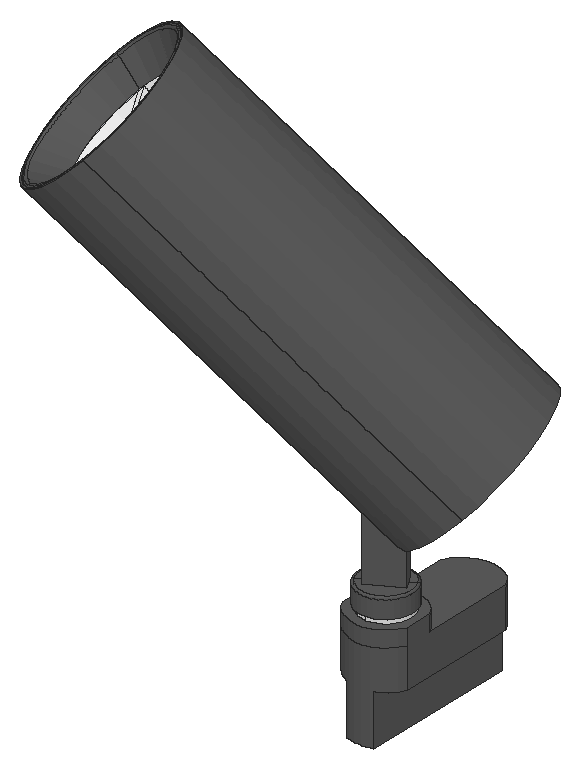
Revit family "0005427 Sylvania Lighting Fixture START Track Spot Integral 930 MB WB BLK", category Lighting Fixtures, host Face, Revit 2017
Family settings
  Host = Face
  Round Connector Dimension = Use Diameter
  Part Type = Normal
  OmniClass Number = 23.80.70.00
  OmniClass Title = Lighting
  Cut with Voids When Loaded = No
  Light Source = No
  Shared = No
  Room Calculation Point = No
Parameters (values of type "0005427 ST TRK SPT INTGRL 4500LM 930 MB BLK")
  Weight = "7.59 kg"
  Wattage Comments = ""
  WarrantyStartDate [instance] = "n/a"
  WarrantyGuarantorParts = "n/a"
  WarrantyDurationUnit = "n/a"
  WarrantyDurationParts = "n/a"
  WarrantyDescription = "n/a"
  Voltage = 230 V
  VerticalRotation_SYL [instance] = 60.00°
  VerticalEndAngle_SYL [instance] = VerticalRotation_SYL - 180.00°  # -120.00°
  URL = "http://www.sylvania-lighting.com"
  TypeName = "START Track Spot Integral 4500lm 930 MB WB BLK"
  TypeHead_SYL = START Track Spot Integral Head : 0005427 ST TRK SPT INTGRL 4500LM 930 MB BLK
  TypeArm_SYL = START Track Spot Integral Arm : START Track Spot Integral BL
  Type Image = <None>
  Type Comments = "n/a"
  SerialNumber [instance] = "n/a"
  Material_3_SYL = none
  PowerFactor = 0
  PowerConsumption = "55 W"
  NominalLength = 0 mm
  NominalHeight = 0 mm
  NominalDepth = 0 mm
  Name = "START Track Spot Integral 4500lm 930 MB WB BLK"
  ModelReference = Name  # "START Track Spot Integral 4500lm 930 MB WB BLK"
  ModelNumber = "0005427"
  Model = Name  # "START Track Spot Integral 4500lm 930 MB WB BLK"
  Material = "n/a"
  ManufacturerName = "Feilo Sylvania"
  Manufacturer = "Feilo Sylvania"
  LuminousEfficacy = "88.23 lm/W"
  LuminaireType = ""
  LightOutputRatio = "n/a"
  LampsType = Lamp  # "LED"
  LampNominalLuminous = "4700 lm"
  LampMacAdamStep = "3"
  LampColourTemperature = "3000"
  LampColourRenderingIndex = "90"
  Lamp = "LED"
  Keynote = "16500"
  InstallationDate [instance] = "n/a"
  InputVoltage = "220-240V~"
  InputNominalFrequency = "50/60 Hz"
  IngressProtection = "IP20"
  ImpactProtectionIndex = "IK03"
  IfcExportType = "IfcLightFixtureType"
  IfcExportAs = "IfcLightFixtureType"
  HorizontalRotation_SYL [instance] = 45.00°
  ExpectedLife = 50000
  ElectricShockClassification = "Class I"
  DurationUnit = "hours"
  DocumentationLiterature = "http://www.sylvania-lighting.com/product/en-int/products/0005427"
  DimmingControlOptions = "Non dimmable"
  Material_2_SYL = Spacer-Sylvania-StartTrackSpot-Aluminium
  Description = ""
  Default Elevation = 1219.2 mm
  CreatedOn = "9/6/2018"
  CreatedBy = ""
  Cost = 0
  built-in parameter 1114216 [instance] = (empty or 0)
  ClassificationValue = "EF_70_80"
  ClassificationName = "Uniclass2015"
  Material_1_SYL = Body-Sylvania-StartTrackSpot-Black
  BarCode [instance] = "n/a"
  AssetType = "Fixed"
  AssetIdentifier [instance] = "n/a"
  Assembly Code = "D5020200"
  Apparent Load = 55 VA
  Material_4_SYL = none
Types (2, lengths in mm): name | TypeName | TypeHead_SYL | Name | ModelReference | Model | LuminousEfficacy | LampNominalLuminous
  0005427 ST TRK SPT INTGRL 4500LM 930 MB BLK | "START Track Spot Integral 4500lm 930 MB WB BLK" | START Track Spot Integral Head : 0005427 ST TRK SPT INTGRL 4500LM 930 MB BLK | "START Track Spot Integral 4500lm 930 MB WB BLK" | "START Track Spot Integral 4500lm 930 MB WB BLK" | "START Track Spot Integral 4500lm 930 MB WB BLK" | "88.23 lm/W" | "4700 lm"
  0005427 ST TRK SPT INTGRL 5000LM 930 WB BLK | "START Track Spot Integral 5000lm 930 MB WB BLK" | START Track Spot Integral Head : 0005427 ST TRK SPT INTGRL 5000LM 930 WB BLK | "START Track Spot Integral 5000lm 930 MB WB BLK" | "START Track Spot Integral 5000lm 930 MB WB BLK" | "START Track Spot Integral 5000lm 930 MB WB BLK" | "91.17 lm/W" | "5000 lm"
Reference planes
  plane 1 "Center (Front/Back)": y = 0
  plane 2: z = 0
  plane 3 "Center (Left/Right)": x = 0
  plane 4: x = 16.6
  plane 5: x = -16.6
  plane 6: x = 7
  plane 7: x = -7
  plane 8: x = -12.8
  plane 9: y = 42
  plane 10: y = 42
  plane 11: y = -42
  plane 12: y = 31.4
  plane 13: y = -31.4
  plane 14: z = -26
  plane 15: z = 20.3
  plane 16: z = 28.5
  plane 17: z = 31.2
  plane 18: y = -17.4
  plane 19: y = -6.8
  plane 20: y = -24.4
Forms (mm)
  Extrusion 1, solid, material "Body-Sylvania-StartTrackSpot-Black" <- "Material_1_SYL"
    sketch origin (0, 0, 0) x (1, 0, 0) y (0, 1, 0)
      loop
        line (-16.6, 31.4) -> (-16.6, -31.4)
        arc (-16.6, -31.4) -> (0, -42) -> (16.6, -31.4) r 18.298
        line (16.6, -31.4) -> (16.6, 31.4)
        arc (16.6, 31.4) -> (0, 42) -> (-16.6, 31.4) r 18.298
    from -26 to 20.3
  Extrusion 2, void
    sketch origin (0, 0, 0) x (1, 0, 0) y (0, 1, 0)
      loop
        arc (-7, 40.608) -> (-12.666, 36.907) -> (-16.6, 31.4) r 18.298
        line (-16.6, 31.4) -> (-16.6, -31.4)
        arc (-16.6, -31.4) -> (-12.666, -36.907) -> (-7, -40.608) r 18.298
        line (-7, -40.608) -> (-7, 40.608)
      loop
        line (16.6, -31.4) -> (16.6, 31.4)
        arc (16.6, 31.4) -> (12.666, 36.907) -> (7, 40.608) r 18.298
        line (7, 40.608) -> (7, -40.608)
        arc (7, -40.608) -> (12.666, -36.907) -> (16.6, -31.4) r 18.298
    from 0 to -26
  Extrusion 3, solid, material "Body-Sylvania-StartTrackSpot-Black" <- "Material_1_SYL"
    sketch origin (1223.4, -4572, 20.3) x (0, -1, 0) y (-1, 0, 0)
      loop
        line (-4540.6, 1240) -> (-4554.6, 1240)
        arc (-4554.6, 1240) -> (-4565.2, 1223.4) -> (-4554.6, 1206.8) r 18.298
        line (-4554.6, 1206.8) -> (-4540.6, 1206.8)
        arc (-4540.6, 1206.8) -> (-4530, 1223.4) -> (-4540.6, 1240) r 18.298
    from -8.2 to 0
  Extrusion 4, solid, material "Spacer-Sylvania-StartTrackSpot-Aluminium" <- "Material_2_SYL"
    sketch origin (1223.4, -4572, 28.5) x (0, -1, 0) y (-1, 0, 0)
      loop
        circle (-4547.6, 1223.4) r 12.7
    from 0 to -2.7
  Revolve 5, solid, not visible
    sketch origin (1524, -24.4, 1219.2) x (1, 0, 0) y (0, 0, 1)
      loop
        line (-1524, -1188) -> (-1524, -1168.735) -> (-1531, -1168.735) -> (-1531, -1188) -> (-1524, -1188)
      axis (-1524, -1168.735) -> (-1524, -1188)
    angle from 60 <- "VerticalRotation_SYL" to -120 <- "VerticalEndAngle_SYL"
Cuts and joins
  Extrusion 2 cuts Extrusion 1
  joined: Extrusion 1, Extrusion 3
Lines and regions (mm)
  reference lines
    curve 1: circle (0, -24.4, 0) r 12.7 normal (0, 0, 1)
    curve 2: arc (-16.6, -31.4, 0) -> (0, -42, 0) -> (16.6, -31.4, 0) r 18.298
    curve 3: arc (-16.6, -17.4, 0) -> (0, -6.8, 0) -> (16.6, -17.4, 0) r 18.298
    curve 4: arc (-16.6, 31.4, 0) -> (0, 42, 0) -> (16.6, 31.4, 0) r 18.298
Dimensions and locks
  plane 6 to plane 3 "Center (Left/Right)" to plane 7 = 7 mm locked, 7 mm locked
  plane 4 to plane 3 "Center (Left/Right)" to plane 5 = 16.6 mm locked, 16.6 mm locked
  locked: plane 3 "Center (Left/Right)" to plane 8 at 12.8
  plane 11 to plane 1 "Center (Front/Back)" to plane 10 = 42 mm locked, 42 mm locked
  plane 13 to plane 1 "Center (Front/Back)" to plane 12 = 31.4 mm locked, 31.4 mm locked
  locked: plane 2 to plane 14 at 26
  locked: plane 15 to plane 2 at 20.3
  plane 17 to plane 16 to plane 15 = 2.7 mm locked, 8.2 mm locked
  locked: plane 13 to plane 18 at 14
  locked: plane 18 to plane 19 at 10.6
  equal spacing: plane 13, plane 20, plane 18
  locked: plane 20 to curve 2 at 0.698
  locked: curve 3 to plane 20 at 0.698
  aligned and locked: plane 2 to host face
  aligned and locked: level to host face
  aligned and locked: plane 3 "Center (Left/Right)" to curve 1
  aligned and locked: plane 20 to curve 1
  aligned and locked: plane 13 to curve 2  (x2)
  aligned and locked: plane 18 to curve 3  (x2)
  aligned and locked: plane 12 to curve 4  (x2)
  aligned and locked: plane 4 to curve 4
  aligned and locked: plane 3 "Center (Left/Right)" to curve 4
  aligned and locked: plane 5 to curve 2
  aligned and locked: plane 5 to curve 3
  aligned and locked: plane 4 to curve 3
  aligned and locked: plane 4 to curve 2
  aligned and locked: plane 12 to Extrusion 1 sketch curve
  aligned and locked: plane 13 to Extrusion 1 sketch curve
  aligned and locked: Extrusion 1 sketch curve to curve 4
  aligned and locked: Extrusion 1 sketch curve to curve 2
  aligned and locked: Extrusion 1 to plane 15
  aligned and locked: plane 14 to Extrusion 1
  aligned and locked: Extrusion 2 sketch curve to Extrusion 1  (x5)
  aligned and locked: Extrusion 2 sketch curve to plane 7
  aligned and locked: plane 14 to Extrusion 2
  aligned and locked: level to Extrusion 2
  aligned and locked: Extrusion 3 sketch curve to cut or joined group of Extrusion 1, Extrusion 2, Extrusion 3  (x2)
  aligned and locked: Extrusion 3 sketch curve to curve 3
  aligned and locked: cut or joined group of Extrusion 1, Extrusion 2, Extrusion 3 to Extrusion 3 sketch curve
  aligned and locked: Extrusion 3 to plane 16
  aligned and locked: plane 15 to Extrusion 3
  aligned and locked: Extrusion 4 sketch curve to curve 1
  aligned and locked: Extrusion 4 to plane 17
  aligned and locked: plane 16 to Extrusion 4
  aligned and locked: Revolve 5 sketch curve to plane 3 "Center (Left/Right)"
  aligned and locked: Extrusion 4 to Revolve 5 sketch curve
  aligned and locked: Revolve 5 sketch curve to Extrusion 4
  aligned and locked: plane 17 to nested 1
Automatic sketch dimensions
  host sketch curve to host sketch curve = 2438.4 mm  (x2)
  plane 12 to curve 4 = 7.698 mm
  plane 12 to Extrusion 2 sketch curve = 0 mm
  Extrusion 2 sketch curve to Extrusion 2 sketch curve = 0 mm  (x2)
  Extrusion 2 sketch curve to plane 6 = 0 mm
  Revolve 5 sketch curve to plane 7 = 0 mm
  Revolve 5 sketch curve to Revolve 5 sketch curve = 19.265 mm
  plane 14 to Revolve 5 sketch curve = 583.6 mm
  Revolve 5 sketch curve to Revolve 5 sketch curve = 2558.594 mm
  radius of curve 1 = 12.7 mm
Nested families
  nested 1: "START Track Spot Integral Arm" at (0, -24.4, 31.2) x (0, 0, -1) z (0.866, 0.5, 0), type <- "TypeArm_SYL", HorizontalRotation_SYL <- "HorizontalRotation_SYL", type "START Track Spot Integral BL"
    with HorizontalRotation_SYL 45.00°, HorizontalEndAngle_SYL -135.00°
  nested 2: "START Track Spot Integral Head" at (22.045, -11.672, 108.656) x (-0.5, 0.866, 0) z (0.6124, 0.3536, -0.7071), type <- "TypeHead_SYL", type "0005427 ST TRK SPT INTGRL 4500LM 930 MB BLK"
    with built-in parameter 1114216 (empty or 0)
Connectors
  electrical at (0, 0, 0), driven by "Apparent Load", driven by "PowerFactor", driven by "Voltage"
    settings: index 1, voltage 230 V, apparent load 55 VA, apparent load phase1 0 VA, apparent load phase2 0 VA, apparent load phase3 0 VA, power factor 0, load classification "Lighting", number of poles 1, system type 30, power factor state 1, is connector primary yes, connector utility no, sub classification motor no, connector description ""
Definition of nested family "START Track Spot Integral Arm"
  Parameters (values of type "START Track Spot Integral WH")
    URL = "http://www.sylvania-lighting.com"
    Type Image = (empty or 0)
    Type Comments = "n/a"
    Material_3_SYL = none
    Model = ""
    Manufacturer = "Feilo Sylvania"
    Keynote = ""
    Material_2_SYL = none
    HorizontalRotation_SYL [instance] = 0.00°
    HorizontalEndAngle_SYL [instance] = HorizontalRotation_SYL - 180.00°  # -180.00°
    Description = ""
    Default Elevation = 1219.2 mm
    Cost = 0
    Material_1_SYL = none
    Assembly Code = ""
    Material_4_SYL = none
  Types (2): name
    START Track Spot Integral WH
    START Track Spot Integral BL
  Reference planes
    plane 1 "Center (Front/Back)": y = 0
    plane 2: z = 0
    plane 3 "Center (Left/Right)": x = 0
    plane 4: x = -10
    plane 5: z = -14
    plane 6: z = -14
    plane 7: z = 14
    plane 8: x = -52
    plane 9: z = 9
    plane 10: z = -9
    plane 11: x = -60
    plane 12: y = 4.5
    plane 13: y = -4.5
    plane 14: x = -9
    plane 15: z = 13
    plane 16: z = 4
    plane 17: z = -4
    plane 18: x = -55
  Forms (mm)
    Extrusion 1, solid
      sketch origin (4.2, 0, 0) x (1, 0, 0) y (0, 1, 0)
        loop
          line (-1219.2, 1219.2) -> (-1219.2, -1219.2) -> (1219.2, -1219.2) -> (1219.2, 1219.2) -> (-1219.2, 1219.2)
      from 0 to -68.017
    Revolve 2, solid, material <- "Material_1_SYL"
      sketch origin (0, 0, 0) x (1, 0, 0) y (0, 0, 1)
        loop
          line (0, 0) -> (0, 14) -> (-9, 14)
          arc (-9, 14) -> (-9.707, 13.707) -> (-10, 13) r 1
          line (-10, 13) -> (-10, 0) -> (0, 0)
        axis (-10, 0) -> (0, 0)
      angle from 360 to 0
    Extrusion 3, solid, material <- "Material_1_SYL"
      sketch origin (0, 0, 0) x (1, 0, 0) y (0, 0, 1)
        loop
          line (-10, 9) -> (-55, 9)
          arc (-55, 9) -> (-58.536, 7.536) -> (-60, 4) r 5
          line (-60, 4) -> (-60, -4)
          arc (-60, -4) -> (-58.536, -7.536) -> (-55, -9) r 5
          line (-55, -9) -> (-10, -9) -> (-10, 9)
      from -4.5 to 4.5
    Revolve 4, solid, not visible
      sketch origin (-52, -4572, 2609.058) x (0, 0, 1) y (0, -1, 0)
        loop
          line (-2609.058, -4553.46) -> (-2609.058, -4590.54) -> (-2605.058, -4590.54) -> (-2605.058, -4553.46) -> (-2609.058, -4553.46)
        axis (-2609.058, -4553.46) -> (-2609.058, -4590.54)
      angle from 0 <- "HorizontalRotation_SYL" to -180 <- "HorizontalEndAngle_SYL"
  Dimensions and locks
    locked: plane 3 "Center (Left/Right)" to plane 4 at 10
    plane 7 to plane 2 to plane 6 = 14 mm locked, 14 mm locked
    locked: plane 4 to plane 8 at 42
    plane 13 to plane 1 "Center (Front/Back)" to plane 12 = 4.5 mm locked, 4.5 mm locked
    locked: plane 14 to plane 4 at 1
    locked: plane 7 to plane 15 at 1
    locked: plane 9 to plane 16 at 5
    locked: plane 17 to plane 10 at 5
    equal spacing: Revolve 4 sketch curve, plane 1 "Center (Front/Back)", Revolve 4 sketch curve
    locked: Revolve 4 sketch curve to plane 1 "Center (Front/Back)" at 18.54
    locked: plane 18 to plane 11 at 5
    locked: plane 4 to plane 11 at 50
    aligned and locked: plane 2 to Extrusion 1
    aligned and locked: level to Extrusion 1
    aligned and locked: level to Revolve 2 sketch curve  (x2)
    aligned and locked: plane 3 "Center (Left/Right)" to Revolve 2 sketch curve
    aligned and locked: Revolve 2 sketch curve to plane 7
    aligned and locked: plane 4 to Revolve 2 sketch curve
    aligned and locked: plane 15 to Revolve 2 sketch curve
    aligned and locked: plane 14 to Revolve 2 sketch curve
    aligned and locked: Revolve 2 sketch curve to plane 2
    aligned and locked: Extrusion 3 sketch curve to plane 9
    aligned and locked: plane 4 to Extrusion 3 sketch curve
    aligned and locked: plane 10 to Extrusion 3 sketch curve
    aligned and locked: Extrusion 3 sketch curve to plane 11
    aligned and locked: plane 13 to Extrusion 3
    aligned and locked: Extrusion 3 to plane 12
    aligned and locked: plane 16 to Extrusion 3 sketch curve
    aligned and locked: plane 17 to Extrusion 3 sketch curve
    aligned and locked: Revolve 4 sketch curve to level
    aligned and locked: Revolve 4 sketch curve to plane 16
    aligned and locked: Revolve 4 sketch curve to plane 2
    aligned and locked: plane 18 to Extrusion 3 sketch curve  (x2)
Definition of nested family "START Track Spot Integral Head"
  Parameters (values of type "0005432 ST TRK SPT INTGRL 5000LM 940 WB WHT")
    WidthCutOut_SYL = 9.5 mm  # constant formula
    Wattage Comments = "n/a"
    Wattage = 55 W
    built-in parameter 1150110 = 1 (stored number, unit not read)
    URL = "http://www.sylvania-lighting.com"
    Type Image = (empty or 0)
    Type Comments = "n/a"
    built-in parameter 1114217 = 1 (stored number, unit not read)
    Tilt Angle = 90.00°
    built-in parameter 1150109 = 1 (stored number, unit not read)
    built-in parameter 1150134 = 12
    built-in parameter 1150113 = 1 (stored number, unit not read)
    S_SYL = no
    RadiusLensOut_SYL = if(S_SYL, 21 mm, if(M_SYL, 30.5 mm, 33 mm))  # 33 mm
    RadiusLensHolder_SYL = 1.8 mm  # constant formula
    RadiusHead_SYL = if(S_SYL, 30 mm, if(M_SYL, 40 mm, 45.5 mm))  # 45.5 mm
    RadiusEmission_SYL = if(S_SYL, 8 mm, if(M_SYL, 16.5 mm, 16.5 mm))  # 16.5 mm
    Photometric Web File = "0005432 WB.ies"
    Material_3_SYL = none
    Model = "ST TRK SPT INTGRL 5000LM 940 WB WHT"
    Manufacturer = "Feilo Sylvania"
    M_SYL = no
    built-in parameter 1150105 = 397.89 (stored number, unit not read)
    Lumens = 5000 lm
    built-in parameter 1150115 = 1 (stored number, unit not read)
    built-in parameter 1150137 = (empty or 0)
    built-in parameter 1150139 = (empty or 0)
    built-in parameter 1150112 = 1 (stored number, unit not read)
    built-in parameter 1150114 = 1 (stored number, unit not read)
    Lamp = "LED"
    Keynote = "16500"
    Material_2_SYL = none
    built-in parameter 1150132 = (empty or 0)
    built-in parameter 1150102 = (empty or 0)
    built-in parameter 1150107 = 4000 (stored number, unit not read)
    built-in parameter 1150138 = (empty or 0)
    built-in parameter 1150106 = 3.9789 (stored number, unit not read)
    Height_SYL = if(S_SYL, 160 mm, if(M_SYL, 200 mm, 215 mm))  # 215 mm
    Emit from Circle Diameter = RadiusLensOut_SYL * 2  # 66 mm
    Emit Shape Visible in Rendering = no
    built-in parameter 1150104 = 8.4457 (stored number, unit not read)
    DistRotateAxisY_SYL = 16.8 mm  # constant formula
    Dimming Lamp Color Temperature Shift = (empty or 0)
    Description = ""
    DepthLens_SYL = 1.25 * (RadiusHead_SYL - 1 mm - RadiusLensOut_SYL)  # 14.375 mm
    DepthEmission_SYL = Height_SYL / 6.4  # 33.594 mm
    DepthCutOut_SYL = WidthCutOut_SYL * 2  # 19 mm
    Default Elevation = 1219.2 mm
    Cost = 0
    Color Filter = 16777215
    built-in parameter 1114216 [instance] = (empty or 0)
    Material_1_SYL = none
    built-in parameter 1114218 = 1 (stored number, unit not read)
    built-in parameter 1150133 = 10 (stored number, unit not read)
    Assembly Code = "D5020200"
    Apparent Load = 55 VA
    Material_4_SYL = none
  Types (24, lengths in mm): name | Wattage | built-in parameter 1150134 | S_SYL | RadiusLensOut_SYL | RadiusHead_SYL | RadiusEmission_SYL | Photometric Web File | Model | M_SYL | built-in parameter 1150105 | Lumens | built-in parameter 1150107 | built-in parameter 1150106 | Height_SYL | Emit from Circle Diameter | built-in parameter 1150104 | DepthLens_SYL | DepthEmission_SYL | Apparent Load
    0005433 ST TRK SPT INTGRL 5000LM 940 WB BLK | 55 W | 12 | no | 33 | 45.5 | 16.5 | "0005433 WB.ies" | "ST TRK SPT INTGRL 5000LM 940 WB BLK" | no | 397.89 (stored number, unit not read) | 5000 lm | 4000 (stored number, unit not read) | 3.9789 (stored number, unit not read) | 215 | 66 | 8.4457 (stored number, unit not read) | 14.375 | 33.594 | 55 VA
    0005433 ST TRK SPT INTGRL 5000LM 940 MB BLK | 55 W | 12 | no | 33 | 45.5 | 16.5 | "0005433 MB.ies" | "ST TRK SPT INTGRL 5000LM 940 MB BLK" | no | 397.89 (stored number, unit not read) | 5000 lm | 4000 (stored number, unit not read) | 3.9789 (stored number, unit not read) | 215 | 66 | 8.4457 (stored number, unit not read) | 14.375 | 33.594 | 55 VA
    0005432 ST TRK SPT INTGRL 5000LM 940 WB WHT | 55 W | 12 | no | 33 | 45.5 | 16.5 | "0005432 WB.ies" | "ST TRK SPT INTGRL 5000LM 940 WB WHT" | no | 397.89 (stored number, unit not read) | 5000 lm | 4000 (stored number, unit not read) | 3.9789 (stored number, unit not read) | 215 | 66 | 8.4457 (stored number, unit not read) | 14.375 | 33.594 | 55 VA
    0005432 ST TRK SPT INTGRL 5000LM 940 MB WHT | 55 W | 12 | no | 33 | 45.5 | 16.5 | "0005432 MB.ies" | "ST TRK SPT INTGRL 5000LM 940 MB WHT" | no | 397.89 (stored number, unit not read) | 5000 lm | 4000 (stored number, unit not read) | 3.9789 (stored number, unit not read) | 215 | 66 | 8.4457 (stored number, unit not read) | 14.375 | 33.594 | 55 VA
    0005431 ST TRK SPT INTGRL 3000LM 940 WB BLK | 33 W | 12 | no | 30.5 | 40 | 16.5 | "0005431 WB.ies" | "ST TRK SPT INTGRL 3000LM 940 WB BLK" | yes | 238.73 (stored number, unit not read) | 3000 lm | 4000 (stored number, unit not read) | 2.3873 (stored number, unit not read) | 200 | 61 | 8.4457 (stored number, unit not read) | 10.625 | 31.25 | 33 VA
    0005431 ST TRK SPT INTGRL 3000LM 940 MB BLK | 33 W | 12 | no | 30.5 | 40 | 16.5 | "0005431 MB.ies" | "ST TRK SPT INTGRL 3000LM 940 MB BLK" | yes | 238.73 (stored number, unit not read) | 3000 lm | 4000 (stored number, unit not read) | 2.3873 (stored number, unit not read) | 200 | 61 | 8.4457 (stored number, unit not read) | 10.625 | 31.25 | 33 VA
    0005430 ST TRK SPT INTGRL 3000LM 940 WB WHT | 33 W | 12 | no | 30.5 | 40 | 16.5 | "0005430 WB.ies" | "ST TRK SPT INTGRL 3000LM 940 WB WHT" | yes | 238.73 (stored number, unit not read) | 3000 lm | 4000 (stored number, unit not read) | 2.3873 (stored number, unit not read) | 200 | 61 | 8.4457 (stored number, unit not read) | 10.625 | 31.25 | 33 VA
    0005430 ST TRK SPT INTGRL 3000LM 940 MB WHT | 33 W | 12 | no | 30.5 | 40 | 16.5 | "0005430 MB.ies" | "ST TRK SPT INTGRL 3000LM 940 MB WHT" | yes | 238.73 (stored number, unit not read) | 3000 lm | 4000 (stored number, unit not read) | 2.3873 (stored number, unit not read) | 200 | 61 | 8.4457 (stored number, unit not read) | 10.625 | 31.25 | 33 VA
    0005429 ST TRK SPT INTGRL 1500LM 940 WB BLK | 17 W | 12 | yes | 21 | 30 | 8 | "0005429 WB.ies" | "ST TRK SPT INTGRL 1500LM 940 WB BLK" | no | 119.37 (stored number, unit not read) | 1500 lm | 4000 (stored number, unit not read) | 1.1937 (stored number, unit not read) | 160 | 42 | 8.1973 (stored number, unit not read) | 10 | 25 | 17 VA
    0005429 ST TRK SPT INTGRL 1500LM 940 MB BLK | 17 W | 12 | yes | 21 | 30 | 8 | "0005429 MB.ies" | "ST TRK SPT INTGRL 1500LM 940 MB BLK" | no | 119.37 (stored number, unit not read) | 1500 lm | 4000 (stored number, unit not read) | 1.1937 (stored number, unit not read) | 160 | 42 | 8.1973 (stored number, unit not read) | 10 | 25 | 17 VA
    0005428 ST TRK SPT INTGRL 1500LM 940 WB WHT | 17 W | 12 | yes | 21 | 30 | 8 | "0005428 WB.ies" | "ST TRK SPT INTGRL 1500LM 940 WB WHT" | no | 119.37 (stored number, unit not read) | 1500 lm | 4000 (stored number, unit not read) | 1.1937 (stored number, unit not read) | 160 | 42 | 8.1973 (stored number, unit not read) | 10 | 25 | 17 VA
    0005428 ST TRK SPT INTGRL 1500LM 940 MB WHT | 17 W | 12 | yes | 21 | 30 | 8 | "0005428 MB.ies" | "ST TRK SPT INTGRL 1500LM 940 MB WHT" | no | 119.37 (stored number, unit not read) | 1500 lm | 4000 (stored number, unit not read) | 1.1937 (stored number, unit not read) | 160 | 42 | 8.1973 (stored number, unit not read) | 10 | 25 | 17 VA
    0005427 ST TRK SPT INTGRL 4500LM 930 WB BLK | 55 W | (empty or 0) | no | 33 | 45.5 | 16.5 | "0005427 WB.ies" | "ST TRK SPT INTGRL 4500LM 930 WB BLK" | no | 358.1 (stored number, unit not read) | 4500 lm | 3000 (stored number, unit not read) | 3.581 (stored number, unit not read) | 215 | 66 | 7.6012 (stored number, unit not read) | 14.375 | 33.594 | 55 VA
    0005427 ST TRK SPT INTGRL 4500LM 930 MB BLK | 55 W | (empty or 0) | no | 33 | 45.5 | 16.5 | "0005427 MB.ies" | "ST TRK SPT INTGRL 4500LM 930 MB BLK" | no | 358.1 (stored number, unit not read) | 4500 lm | 3000 (stored number, unit not read) | 3.581 (stored number, unit not read) | 215 | 66 | 7.6012 (stored number, unit not read) | 14.375 | 33.594 | 55 VA
    0005426 ST TRK SPT INTGRL 4500LM 930 WB WHT | 55 W | (empty or 0) | no | 33 | 45.5 | 16.5 | "0005426 WB.ies" | "ST TRK SPT INTGRL 4500LM 930 WB WHT" | no | 358.1 (stored number, unit not read) | 4500 lm | 3000 (stored number, unit not read) | 3.581 (stored number, unit not read) | 215 | 66 | 7.6012 (stored number, unit not read) | 14.375 | 33.594 | 55 VA
    0005426 ST TRK SPT INTGRL 4500LM 930 MB WHT | 55 W | (empty or 0) | no | 33 | 45.5 | 16.5 | "0005426 MB.ies" | "ST TRK SPT INTGRL 4500LM 930 MB WHT" | no | 358.1 (stored number, unit not read) | 4500 lm | 3000 (stored number, unit not read) | 3.581 (stored number, unit not read) | 215 | 66 | 7.6012 (stored number, unit not read) | 14.375 | 33.594 | 55 VA
    0005425 ST TRK SPT INTGRL 2700LM 930 WB BLK | 33 W | (empty or 0) | no | 30.5 | 40 | 16.5 | "0005425 WB.ies" | "ST TRK SPT INTGRL 2700LM 930 WB BLK" | yes | 214.86 (stored number, unit not read) | 2700 lm | 3000 (stored number, unit not read) | 2.1486 (stored number, unit not read) | 200 | 61 | 7.6012 (stored number, unit not read) | 10.625 | 31.25 | 33 VA
    0005425 ST TRK SPT INTGRL 2700LM 930 MB BLK | 33 W | (empty or 0) | no | 30.5 | 40 | 16.5 | "0005425 MB.ies" | "ST TRK SPT INTGRL 2700LM 930 MB BLK" | yes | 214.86 (stored number, unit not read) | 2700 lm | 3000 (stored number, unit not read) | 2.1486 (stored number, unit not read) | 200 | 61 | 7.6012 (stored number, unit not read) | 10.625 | 31.25 | 33 VA
    0005424 ST TRK SPT INTGRL 2700LM 930 WB WHT | 33 W | (empty or 0) | no | 30.5 | 40 | 16.5 | "0005424 WB.ies" | "ST TRK SPT INTGRL 2700LM 930 WB WHT" | yes | 214.86 (stored number, unit not read) | 2700 lm | 3000 (stored number, unit not read) | 2.1486 (stored number, unit not read) | 200 | 61 | 7.6012 (stored number, unit not read) | 10.625 | 31.25 | 33 VA
    0005424 ST TRK SPT INTGRL 2700LM 930 MB WHT | 33 W | (empty or 0) | no | 30.5 | 40 | 16.5 | "0005424 MB.ies" | "ST TRK SPT INTGRL 2700LM 930 MB WHT" | yes | 214.86 (stored number, unit not read) | 2700 lm | 3000 (stored number, unit not read) | 2.1486 (stored number, unit not read) | 200 | 61 | 7.6012 (stored number, unit not read) | 10.625 | 31.25 | 33 VA
    0005423 ST TRK SPT INTGRL 1360LM 930 WB BLK | 17 W | (empty or 0) | yes | 21 | 30 | 8 | "0005423 WB.ies" | "ST TRK SPT INTGRL 1360LM 930 WB BLK" | no | 108.23 (stored number, unit not read) | 1360 lm | 3000 (stored number, unit not read) | 1.0823 (stored number, unit not read) | 160 | 42 | 7.4322 (stored number, unit not read) | 10 | 25 | 17 VA
    0005423 ST TRK SPT INTGRL 1360LM 930 MB BLK | 17 W | (empty or 0) | yes | 21 | 30 | 8 | "0005423 MB.ies" | "ST TRK SPT INTGRL 1360LM 930 MB BLK" | no | 108.23 (stored number, unit not read) | 1360 lm | 3000 (stored number, unit not read) | 1.0823 (stored number, unit not read) | 160 | 42 | 7.4322 (stored number, unit not read) | 10 | 25 | 17 VA
    0005422 ST TRK SPT INTGRL 1360LM 930 WB WHT | 17 W | (empty or 0) | yes | 21 | 30 | 8 | "0005422 WB.ies" | "ST TRK SPT INTGRL 1360LM 930 WB WHT" | no | 108.23 (stored number, unit not read) | 1360 lm | 3000 (stored number, unit not read) | 1.0823 (stored number, unit not read) | 160 | 42 | 7.4322 (stored number, unit not read) | 10 | 25 | 17 VA
    0005422 ST TRK SPT INTGRL 1360LM 930 MB WHT | 17 W | (empty or 0) | yes | 21 | 30 | 8 | "0005422 MB.ies" | "ST TRK SPT INTGRL 1360LM 930 MB WHT" | no | 108.23 (stored number, unit not read) | 1360 lm | 3000 (stored number, unit not read) | 1.0823 (stored number, unit not read) | 160 | 42 | 7.4322 (stored number, unit not read) | 10 | 25 | 17 VA
  Reference planes
    plane 1 "Center (Front/Back)": y = 0
    plane 2: z = 0
    plane 3 "Center (Left/Right)": x = 0
    plane 4: x = 45.5
    plane 5: z = 16.8
    plane 6: z = -198.2
    plane 7: x = 44.5
    plane 8: x = 33
    plane 9: x = 16.5
    plane 10: z = -183.825
    plane 11: z = -164.606
    plane 12: z = -11.2
    plane 13: x = 43.5
    plane 14: x = 38.25
    plane 15: z = -181.825
    plane 16: z = -162.606
    plane 17: z = -1
    plane 18: x = 4.75
    plane 19: x = -4.75
    plane 20: y = -45.5
    plane 21: y = -26.5
    plane 22: x = 42.5
    plane 23: y = -36
  Forms (mm)
    Extrusion 1, solid
      sketch origin (4.2, 0, 0) x (1, 0, 0) y (0, 1, 0)
        loop
          line (-1219.2, 1219.2) -> (-1219.2, -1219.2) -> (1219.2, -1219.2) -> (1219.2, 1219.2) -> (-1219.2, 1219.2)
      from 0 to -68.017
    Revolve 2, solid, material <- "Material_1_SYL"
      sketch origin (0, 0, 0) x (1, 0, 0) y (0, 0, 1)
        loop
          line (45.5, -198.2) -> (45.5, 16.8) -> (44.5, 16.8) -> (44.5, -198.2) -> (45.5, -198.2)
        axis (0, 16.8) -> (0, -198.2)
      angle from 360 to 0
    Revolve 3, solid, material <- "Material_1_SYL"
      sketch origin (0, 0, 0) x (1, 0, 0) y (0, 0, 1)
        loop
          line (44.5, 16.8) -> (43.5, 16.8)
          arc (43.5, 16.8) -> (38.25, 15.673) -> (33, 16.8) r 12.796
          line (33, 16.8) -> (0, 16.8) -> (0, -11.2) -> (44.5, -11.2) -> (44.5, 16.8)
        axis (0, 16.8) -> (0, -11.2)
      angle from 360 to 0
    Revolve 4, solid, material <- "Material_2_SYL"
      sketch origin (0, 0, 0) x (1, 0, 0) y (0, 0, 1)
        loop
          line (44.5, -181.825) -> (0, -181.825) -> (0, -183.825) -> (44.5, -183.825) -> (44.5, -181.825)
        axis (0, -181.825) -> (0, -183.825)
      angle from 360 to 0
    Revolve 5, solid
      sketch origin (0, 0, 0) x (1, 0, 0) y (0, 0, 1)
        loop
          line (0, -164.606) -> (16.5, -164.606)
          arc (16.5, -164.606) -> (30.37, -169.432) -> (38.25, -181.825) r 22.346
          line (38.25, -181.825) -> (44.5, -181.825) -> (44.5, -162.606) -> (0, -162.606) -> (0, -164.606)
        axis (0, -162.606) -> (0, -181.825)
      angle from 360 to 0
    Extrusion 6, void
      sketch origin (1524, -45.5, 1219.2) x (-1, 0, 0) y (0, 0, 1)
        loop
          line (1528.75, -1230.4) -> (1528.75, -1202.4) -> (1519.25, -1202.4) -> (1519.25, -1230.4) -> (1528.75, -1230.4)
      from 0 to 19
    Revolve 7, solid, material <- "Material_1_SYL"
      sketch origin (0, 0, 0) x (1, 0, 0) y (0, 0, 1)
        loop
          line (33, -183.825) -> (42.006, -197.453)
          arc (42.006, -197.453) -> (42.534, -197.999) -> (43.267, -198.2) r 1.437
          line (43.267, -198.2) -> (44.5, -198.2) -> (44.5, -183.825) -> (33, -183.825)
        axis (0, -183.825) -> (0, -198.2)
      angle from 360 to 0
  Cuts and joins
    Extrusion 6 cuts Revolve 3
    Extrusion 6 cuts Revolve 2
  Lines and regions (mm)
    reference lines
      curve 1: arc (33, 0, 16.8) -> (38.25, 0, 15.673) -> (43.5, 0, 16.8) r 12.796
      curve 2: line (33, 0, -183.825) -> (42.5, 0, -198.2)
  Dimensions and locks
    "RadiusHead_SYL": plane 4 to plane 3 "Center (Left/Right)"
    "DistRotateAxisY_SYL": plane 5 to plane 2
    "Height_SYL": plane 5 to plane 6
    locked: plane 4 to plane 7 at 1
    "RadiusLensOut_SYL": plane 8 to plane 3 "Center (Left/Right)"
    "RadiusEmission_SYL": plane 9 to plane 3 "Center (Left/Right)"
    "DepthLens_SYL": plane 10 to plane 6
    "DepthEmission_SYL": plane 11 to plane 6
    locked: plane 5 to plane 12 at 28
    locked: plane 4 to plane 13 at 2
    equal spacing: plane 13, plane 14, plane 8
    locked: plane 5 to curve 1 at 1.127
    locked: plane 15 to plane 10 at 2
    locked: plane 16 to plane 11 at 2
    locked: plane 2 to plane 17 at 1
    equal spacing: plane 18, plane 3 "Center (Left/Right)", plane 19
    "WidthCutOut_SYL": plane 18 to plane 19
    "RadiusHead_SYL": plane 20 to plane 1 "Center (Front/Back)"
    "DepthCutOut_SYL": plane 20 to plane 21
    locked: plane 4 to plane 22 at 3
    equal spacing: plane 20, plane 23, plane 21
    aligned and locked: plane 2 to Extrusion 1
    aligned and locked: level to Extrusion 1
    aligned and locked: plane 8 to curve 1
    aligned and locked: plane 13 to curve 1
    aligned and locked: plane 14 to curve 1
    aligned and locked: plane 5 to curve 1
    aligned and locked: Revolve 2 sketch curve to plane 3 "Center (Left/Right)"
    aligned and locked: Revolve 2 sketch curve to plane 6
    aligned and locked: Revolve 2 sketch curve to plane 4
    aligned and locked: plane 5 to Revolve 2 sketch curve
    aligned and locked: plane 7 to Revolve 2 sketch curve
    aligned and locked: Revolve 3 sketch curve to plane 3 "Center (Left/Right)"
    aligned and locked: Revolve 3 sketch curve to Revolve 2  (x3)
    aligned and locked: Revolve 3 sketch curve to plane 12
    aligned and locked: plane 3 "Center (Left/Right)" to Revolve 3 sketch curve
    aligned and locked: Revolve 3 sketch curve to curve 1
    aligned and locked: plane 5 to Revolve 3 sketch curve
    aligned and locked: Revolve 4 sketch curve to plane 3 "Center (Left/Right)"  (x2)
    aligned and locked: Revolve 4 sketch curve to plane 15
    aligned and locked: plane 7 to Revolve 4 sketch curve
    aligned and locked: Revolve 5 sketch curve to plane 3 "Center (Left/Right)"  (x2)
    aligned and locked: plane 3 "Center (Left/Right)" to Revolve 5 sketch curve
    aligned and locked: plane 9 to Revolve 5 sketch curve
    aligned and locked: plane 11 to Revolve 5 sketch curve
    aligned and locked: plane 14 to Revolve 5 sketch curve
    aligned and locked: plane 15 to Revolve 5 sketch curve
    aligned and locked: plane 12 to Extrusion 6 sketch curve
    aligned and locked: Extrusion 6 sketch curve to plane 19
    aligned and locked: Extrusion 6 sketch curve to plane 5
    aligned and locked: plane 18 to Extrusion 6 sketch curve
    aligned and locked: Extrusion 6 to plane 21
    aligned and locked: plane 20 to Extrusion 6
    aligned and locked: plane 10 to curve 2
    aligned and locked: plane 22 to curve 2
    aligned and locked: Revolve 7 sketch curve to plane 3 "Center (Left/Right)"
    aligned and locked: plane 10 to Revolve 7 sketch curve
    aligned and locked: Revolve 7 sketch curve to Revolve 4
    aligned and locked: Revolve 7 sketch curve to curve 2
    aligned and locked: plane 3 "Center (Left/Right)" to imposter light
    aligned and locked: imposter light to plane 1 "Center (Front/Back)"
    aligned and locked: imposter light to plane 10
  Automatic sketch dimensions
    Extrusion 1 sketch curve to Extrusion 1 sketch curve = 2438.4 mm  (x2)
    plane 6 to Revolve 2 sketch curve = 487.1 mm
    Revolve 2 sketch curve to plane 5 = 2571.558 mm
    plane 6 to Revolve 3 sketch curve = 487.1 mm
    Revolve 3 sketch curve to Revolve 3 sketch curve = 2566.685 mm
    plane 6 to Revolve 4 sketch curve = 487.1 mm
    Revolve 4 sketch curve to plane 5 = 2571.558 mm
    Revolve 5 sketch curve to plane 11 = 2 mm
    plane 6 to Revolve 5 sketch curve = 487.1 mm
    Revolve 5 sketch curve to plane 5 = 2571.558 mm
    Revolve 5 sketch curve to plane 7 = 0 mm
    Revolve 4 sketch curve to plane 10 = 0 mm
    curve 2 to plane 8 = 0 mm
    curve 1 to plane 14 = 0 mm
    curve 2 to plane 6 = 0 mm
    curve 1 to plane 13 = 0 mm
    Revolve 7 sketch curve to plane 6 = 0 mm
    Revolve 7 sketch curve to plane 22 = 0.494 mm
    Revolve 7 sketch curve to plane 13 = 0.233 mm
    plane 6 to Revolve 7 sketch curve = 474.6 mm
    Revolve 7 sketch curve to plane 5 = 2584.058 mm
